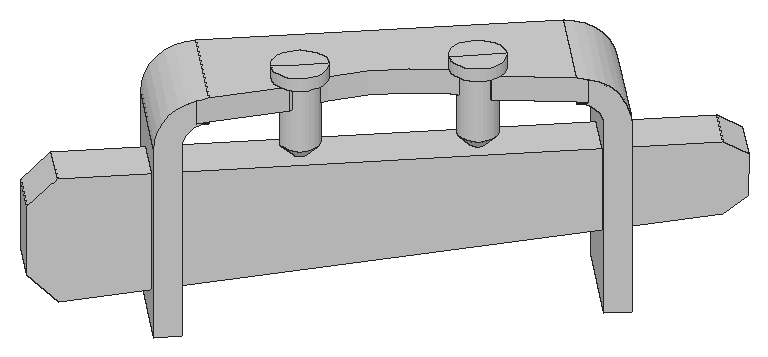
Revit family "EHL_ALUPROP CLAMP_2220080", category Generic Models, Revit 2018
Family settings
  Can host rebar = No
  Round Connector Dimension = Use Diameter
  Part Type = Normal
  OmniClass Number = 35.51.14.00
  OmniClass Title = FORMWORK
  Work Plane-Based = Yes
  Always vertical = No
  Cut with Voids When Loaded = No
  Shared = Yes
  Room Calculation Point = No
Parameters
  VERSION = "20190601"  # constant formula
  URL = "www.ulmaconstruction.com/en"
  UNICLASS = ""
  SIMULATION [instance] = ""
  PRODUCT_ZONE [instance] = ""
  Manufacturer = "ULMA CONSTRUCTION"  # constant formula
  ITEM_UNIT [instance] = ""
  ITEM_TYPE [instance] = ""
  ITEM_CODE = "2220080"
  FILTER [instance] = ""
  Default Elevation = 0.000 mm
  CONDITION [instance] = ""
  CLASSIFICATION_TITLE = ""
  CLASSIFICATION_NUMBER = ""
Reference planes
  plane 1 "Centro (Frontal/Posterior)": y = 0
  plane 2: z = 0
  plane 3 "Centro (Izquierda/Derecha)": x = 0
Forms (mm)
  Extrusion 1, solid, material "ULMA ZINC", detail levels medium+fine
    sketch origin (0, 0, 0) x (0.707107, 0.707107, 0) y (0, 0, 1)
      loop
        arc (-87.35, -8) -> (-85.007, -2.343) -> (-79.35, 0) r 8
        line (-79.35, 0) -> (27.65, 0)
        arc (27.65, 0) -> (33.307, -2.343) -> (35.65, -8) r 8
        line (35.65, -8) -> (35.65, -70) -> (43.65, -70) -> (43.65, -8)
        arc (43.65, -8) -> (38.964, 3.314) -> (27.65, 8) r 16
        line (27.65, 8) -> (-79.35, 8)
        arc (-79.35, 8) -> (-90.664, 3.314) -> (-95.35, -8) r 16
        line (-95.35, -8) -> (-95.35, -70) -> (-87.35, -70) -> (-87.35, -8)
    from -24.646 to 10.354
  Extrusion 2, void
    sketch origin (0, 0, 0) x (1, 0, 0) y (0, 1, 0)
      loop
        arc (6.268, -1.427) -> (-19.443, -17.115) -> (-35.13, -42.825) r 64
        line (-35.13, -42.825) -> (-51.359, -66.002) -> (-47.823, -69.537) -> (32.98, 11.266) -> (29.444, 14.801) -> (6.268, -1.427)
    from 0 to 8
  Revolve 3, solid, material "ULMA ZINC", detail levels fine
    sketch origin (0, 0, 0) x (0.707107, 0.707107, 0) y (0, 0, 1)
      loop
        line (-51.7, -17) -> (-51.7, 12) -> (-60.2, 12) -> (-60.2, 8) -> (-57.7, 8) -> (-57.7, -13.5) -> (-54.2, -17) -> (-51.7, -17)
      axis (-51.7, 12) -> (-51.7, -17)
    angle from 0 to 360
  Revolve 4, solid, material "ULMA ZINC", detail levels fine
    sketch origin (0, 0, 0) x (0.707107, 0.707107, 0) y (0, 0, 1)
      loop
        line (0, 12) -> (-8.5, 12) -> (-8.5, 8) -> (-6, 8) -> (-6, -13.5) -> (-2.5, -17) -> (0, -17) -> (0, 12)
      axis (0, 12) -> (0, -17)
    angle from 0 to 360
  Extrusion 5, solid, material "ULMA ZINC", detail levels medium+fine
    sketch origin (0, 0, 0) x (0.707107, 0.707107, 0) y (0, 0, 1)
      loop
        line (70.9, -19.75) -> (-122.6, -19.75) -> (-131.6, -28.75) -> (-131.6, -51.25) -> (-122.274, -60.576) -> (70.9, -43.45) -> (78.4, -38.186) -> (78.4, -24.08) -> (70.9, -19.75)
    from -13.146 to 2.854
Cuts and joins
  Extrusion 2 cuts Extrusion 1
Dimensions and locks
  aligned and locked: level to plane 2
